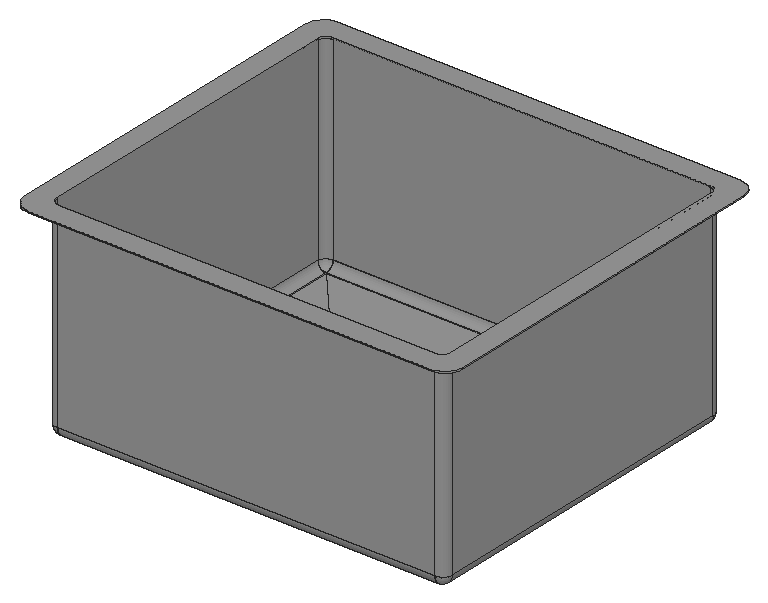
Revit family "BUILDMAT-SNGD003-Penny-510-Brass-Gold", category Plumbing Fixtures, host Face, Revit 2020
Family settings
  Host = Face
  Round Connector Dimension = Use Diameter
  Part Type = Normal
  Cut with Voids When Loaded = No
  Shared = No
  Room Calculation Point = No
Parameters (values of type "Penny 510x450x250mm")
  Width = 460.0 mm
  Undermount [instance] = 0.0 mm
  URL = "https://www.buildmat.com.au/products/510x450x250-single-bowl-sink"
  Side Sound Pad = no
  Side Brackets = yes
  Model = "SN101003"  # constant formula
  Middle Sound Pad = yes
  Middle Bracket = no
  Manufacturer URL = "https://www.buildmat.com.au/"
  Manufacturer = "BUILDMAT"  # constant formula
  Length = 400.0 mm
  Description = "BUILDMAT - Penny 510x450 Single Bowl Sink"  # constant formula
  Depth = 250.0 mm
  Default Elevation = 1219.2 mm
  Created By URL = "https://www.buildmat.com.au/"
  Created By = "BUILDMAT"  # constant formula
  Created = "22.06.2022"  # constant formula
  Material = BUILDMAT Brass Gold
Reference planes
  plane 1 "Center (Front/Back)": y = 0
  plane 2: z = 0
  plane 3 "Center (Left/Right)": x = 0
  plane 4 "Top Substrate": z = 0
  plane 5 "Left": x = -230
  plane 6 "Right": x = 230
  plane 7 "Back": y = 200
  plane 8 "Front": y = -200
  plane 9: x = -255
  plane 10: x = 255
  plane 11: y = -225
  plane 12: y = 225
  plane 13 "Bottom Void": z = -250
  plane 14: z = 1.5
  plane 15: x = -231.5
  plane 16: y = -201.5
  plane 17: x = 231.5
  plane 18: y = 201.5
  plane 19: z = -240
  plane 20: z = -230
  plane 21: x = -220
  plane 22: x = 220
  plane 23: y = -190
  plane 24: y = 190
  plane 25: z = -245
  plane 26: z = -241.5
  plane 27: z = -246.5
  plane 28: x = -100
  plane 29: x = 100
  plane 30 "Sound Pad": z = -130
  plane 31 "Front Bracket": y = -100
  plane 32 "Back Bracket": y = 100
  plane 33: x = -130
  plane 34: x = 130
  plane 35: x = -57
  plane 36: x = 57
  plane 37: x = -45
  plane 38: x = 45
Forms (mm)
  Extrusion 1, void
    sketch origin (0, 0, 0) x (1, 0, 0) y (0, 1, 0)
      loop
        arc (-220, 200) -> (-227.071, 197.071) -> (-230, 190) r 10
        line (-230, 190) -> (-230, -190)
        arc (-230, -190) -> (-227.071, -197.071) -> (-220, -200) r 10
        line (-220, -200) -> (220, -200)
        arc (220, -200) -> (227.071, -197.071) -> (230, -190) r 10
        line (230, -190) -> (230, 190)
        arc (230, 190) -> (227.071, 197.071) -> (220, 200) r 10
        line (220, 200) -> (-220, 200)
    from 0 to 1.5
  Extrusion 2, void
    sketch origin (0, 0, 0) x (1, 0, 0) y (0, 1, 0)
      loop
        line (-231.5, 201.5) -> (-231.5, -201.5) -> (231.5, -201.5) -> (231.5, 201.5) -> (-231.5, 201.5)
    from 0 to -250
  Extrusion 3, void
    sketch origin (0, 0, 0) x (1, 0, 0) y (0, 1, 0)
      loop
        arc (-235, 225) -> (-249.142, 219.142) -> (-255, 205) r 20
        line (-255, 205) -> (-255, -205)
        arc (-255, -205) -> (-249.142, -219.142) -> (-235, -225) r 20
        line (-235, -225) -> (235, -225)
        arc (235, -225) -> (249.142, -219.142) -> (255, -205) r 20
        line (255, -205) -> (255, 205)
        arc (255, 205) -> (249.142, 219.142) -> (235, 225) r 20
        line (235, 225) -> (-235, 225)
    from 1.5 to 0
  Extrusion 4, solid, material "BUILDMAT Brass Gold" <- "Material"
    sketch origin (0, 0, 0) x (-1, 0, 0) y (0, -1, 0)
      loop
        arc (235, -225) -> (249.142, -219.142) -> (255, -205) r 20
        line (255, -205) -> (255, 205)
        arc (255, 205) -> (249.142, 219.142) -> (235, 225) r 20
        line (235, 225) -> (-235, 225)
        arc (-235, 225) -> (-249.142, 219.142) -> (-255, 205) r 20
        line (-255, 205) -> (-255, -205)
        arc (-255, -205) -> (-249.142, -219.142) -> (-235, -225) r 20
        line (-235, -225) -> (235, -225)
      loop
        arc (220, -200) -> (227.071, -197.071) -> (230, -190) r 10
        line (230, -190) -> (230, 190)
        arc (230, 190) -> (227.071, 197.071) -> (220, 200) r 10
        line (220, 200) -> (-220, 200)
        arc (-220, 200) -> (-227.071, 197.071) -> (-230, 190) r 10
        line (-230, 190) -> (-230, -190)
        arc (-230, -190) -> (-227.071, -197.071) -> (-220, -200) r 10
        line (-220, -200) -> (220, -200)
    from 0 to 1.5
  Extrusion 5, solid, material "BUILDMAT Brass Gold" <- "Material"
    sketch origin (0, 0, 0) x (-1, 0, 0) y (0, -1, 0)
      loop
        arc (220, -201.5) -> (228.132, -198.132) -> (231.5, -190) r 11.5
        line (231.5, -190) -> (231.5, 190)
        arc (231.5, 190) -> (228.132, 198.132) -> (220, 201.5) r 11.5
        line (220, 201.5) -> (-220, 201.5)
        arc (-220, 201.5) -> (-228.132, 198.132) -> (-231.5, 190) r 11.5
        line (-231.5, 190) -> (-231.5, -190)
        arc (-231.5, -190) -> (-228.132, -198.132) -> (-220, -201.5) r 11.5
        line (-220, -201.5) -> (220, -201.5)
      loop
        arc (-220, 200) -> (-227.071, 197.071) -> (-230, 190) r 10
        line (-230, 190) -> (-230, -190)
        arc (-230, -190) -> (-227.071, -197.071) -> (-220, -200) r 10
        line (-220, -200) -> (220, -200)
        arc (220, -200) -> (227.071, -197.071) -> (230, -190) r 10
        line (230, -190) -> (230, 190)
        arc (230, 190) -> (227.071, 197.071) -> (220, 200) r 10
        line (220, 200) -> (-220, 200)
    from 0 to -230
  Revolve 6, solid, material "BUILDMAT Brass Gold" <- "Material"
    sketch origin (-175.162, 190, 1219.2) x (-1, 0, 0) y (0, 0, 1)
      loop
        line (-405.162, -1449.2) -> (-406.662, -1449.2)
        arc (-406.662, -1449.2) -> (-403.293, -1457.332) -> (-395.162, -1460.7) r 11.5
        line (-395.162, -1460.7) -> (-395.162, -1459.2)
        arc (-395.162, -1459.2) -> (-402.233, -1456.271) -> (-405.162, -1449.2) r 10
      axis (-395.162, -1460.7) -> (-395.162, -1449.2)
    angle from 0 to -90
  Revolve 7, solid, material "BUILDMAT Brass Gold" <- "Material"
    sketch origin (-175.162, 190, 1219.2) x (-1, 0, 0) y (0, 0, 1)
      loop
        arc (54.838, -1449.2) -> (51.909, -1456.271) -> (44.838, -1459.2) r 10
        line (44.838, -1459.2) -> (44.838, -1460.7)
        arc (44.838, -1460.7) -> (52.97, -1457.332) -> (56.338, -1449.2) r 11.5
        line (56.338, -1449.2) -> (54.838, -1449.2)
      axis (44.838, -1449.2) -> (44.838, -1460.7)
    angle from 0 to -90
  Revolve 8, solid, material "BUILDMAT Brass Gold" <- "Material"
    sketch origin (-175.162, -190, 1219.2) x (-1, 0, 0) y (0, 0, 1)
      loop
        arc (54.838, -1449.2) -> (51.909, -1456.271) -> (44.838, -1459.2) r 10
        line (44.838, -1459.2) -> (44.838, -1460.7)
        arc (44.838, -1460.7) -> (52.97, -1457.332) -> (56.338, -1449.2) r 11.5
        line (56.338, -1449.2) -> (54.838, -1449.2)
      axis (44.838, -1449.2) -> (44.838, -1460.7)
    angle from 0 to 90
  Revolve 9, solid, material "BUILDMAT Brass Gold" <- "Material"
    sketch origin (-175.162, -190, 1219.2) x (-1, 0, 0) y (0, 0, 1)
      loop
        line (-405.162, -1449.2) -> (-406.662, -1449.2)
        arc (-406.662, -1449.2) -> (-403.293, -1457.332) -> (-395.162, -1460.7) r 11.5
        line (-395.162, -1460.7) -> (-395.162, -1459.2)
        arc (-395.162, -1459.2) -> (-402.233, -1456.271) -> (-405.162, -1449.2) r 10
      axis (-395.162, -1449.2) -> (-395.162, -1460.7)
    angle from 0 to 90
  Extrusion 10, solid, material "BUILDMAT Brass Gold" <- "Material"
    sketch origin (0, 0, 0) x (1, 0, 0) y (0, 0, 1)
      loop
        line (-230, -230) -> (-231.5, -230)
        arc (-231.5, -230) -> (-228.132, -238.132) -> (-220, -241.5) r 11.5
        line (-220, -241.5) -> (-220, -240)
        arc (-220, -240) -> (-227.071, -237.071) -> (-230, -230) r 10
    from -190 to 190
  Extrusion 11, solid, material "BUILDMAT Brass Gold" <- "Material"
    sketch origin (0, 0, 0) x (1, 0, 0) y (0, 0, 1)
      loop
        arc (230, -230) -> (227.071, -237.071) -> (220, -240) r 10
        line (220, -240) -> (220, -241.5)
        arc (220, -241.5) -> (228.132, -238.132) -> (231.5, -230) r 11.5
        line (231.5, -230) -> (230, -230)
    from -190 to 190
  Extrusion 12, solid, material "BUILDMAT Brass Gold" <- "Material"
    sketch origin (0, 0, 0) x (0, 1, 0) y (0, 0, 1)
      loop
        arc (200, -230) -> (197.071, -237.071) -> (190, -240) r 10
        line (190, -240) -> (190, -241.5)
        arc (190, -241.5) -> (198.132, -238.132) -> (201.5, -230) r 11.5
        line (201.5, -230) -> (200, -230)
    from -220 to 220
  Extrusion 13, solid, material "BUILDMAT Brass Gold" <- "Material"
    sketch origin (0, 0, 0) x (0, 1, 0) y (0, 0, 1)
      loop
        line (-200, -230) -> (-201.5, -230)
        arc (-201.5, -230) -> (-198.132, -238.132) -> (-190, -241.5) r 11.5
        line (-190, -241.5) -> (-190, -240)
        arc (-190, -240) -> (-197.071, -237.071) -> (-200, -230) r 10
    from -220 to 220
  Revolve 14, solid, material "BUILDMAT Brass Gold" <- "Material"
    sketch origin (0, 0, 0) x (1, 0, 0) y (0, 0, 1)
      loop
        line (-45, -250) -> (-45, -248.5)
        spline (-45, -248.5) -> (-46.484, -248.459) -> (-47.939, -248.339) -> (-49.337, -248.141) -> (-50.649, -247.871) -> (-51.848, -247.537) -> (-52.908, -247.151) -> (-53.805, -246.726) -> (-54.514, -246.283) -> (-55.023, -245.856) -> (-55.329, -245.483) -> (-55.468, -245.202) -> (-55.5, -245)
        line (-55.5, -245) -> (-57, -245)
        spline (-57, -245) -> (-56.897, -245.653) -> (-56.591, -246.294) -> (-56.087, -246.913) -> (-55.392, -247.5) -> (-54.52, -248.044) -> (-53.485, -248.536) -> (-52.305, -248.967) -> (-51, -249.33) -> (-49.592, -249.619) -> (-48.106, -249.83) -> (-46.566, -249.957) -> (-45, -250)
      axis (0, -245) -> (0, -250)
    angle from 0 to 360
  Blend 15, solid, material "BUILDMAT Brass Gold" <- "Material"
    base sketch origin (0, 0, 0) x (-1, 0, 0) y (0, -1, 0)
      loop
        circle (0, 0) r 57
    top sketch origin (0, 0, 0) x (-1, 0, 0) y (0, -1, 0)
      loop
        line (220, -190) -> (220, 190) -> (-220, 190) -> (-220, -190) -> (220, -190)
    from -246.5 to -241.5
  Blend 16, void
    base sketch origin (0, 0, 0) x (-1, 0, 0) y (0, -1, 0)
      loop
        circle (0, 0) r 57
    top sketch origin (0, 0, 0) x (-1, 0, 0) y (0, -1, 0)
      loop
        line (220, -190) -> (220, 190) -> (-220, 190) -> (-220, -190) -> (220, -190)
    from -245 to -240
  Extrusion 17, solid, material "BUILDMAT Brass Gold" <- "Material"
    sketch origin (0, 0, 0) x (-1, 0, 0) y (0, -1, 0)
      loop
        line (220, -190) -> (220, 190) -> (-220, 190) -> (-220, -190) -> (220, -190)
    from -241.5 to -240
  Extrusion 18, void
    sketch origin (0, 0, 0) x (-1, 0, 0) y (0, -1, 0)
      loop
        circle (0, 0) r 57
    from -250 to -230
Cuts and joins
  joined: Extrusion 4, Extrusion 5
  joined: Revolve 6, Revolve 9
  joined: Revolve 7, Revolve 8
  Blend 16, Extrusion 18 cuts Blend 15
  Blend 16, Extrusion 18 cuts Extrusion 17
  joined: Blend 15, Extrusion 17
Lines and regions (mm)
  Masking region 1
    outline origin (0, 0, 0) x (1, 0, 0) y (0, 0, 1)
      loop
        line (230, 0) -> (-230, 0) -> (-230, -230)
        arc (-230, -230) -> (-227.071, -237.071) -> (-220, -240) r 10
        line (-220, -240) -> (-57, -245) -> (57, -245) -> (220, -240)
        arc (220, -240) -> (227.071, -237.071) -> (230, -230) r 10
        line (230, -230) -> (230, 0)
  Masking region 2
    outline origin (0, 0, 0) x (1, 0, 0) y (0, 0, 1)
      loop
        line (-100, -245.181) -> (-100, -250) -> (-57, -250) -> (-57, -246.5) -> (-100, -245.181)
  Masking region 3
    outline origin (0, 0, 0) x (1, 0, 0) y (0, 0, 1)
      loop
        line (57, -246.5) -> (57, -250) -> (100, -250) -> (100, -245.181) -> (57, -246.5)
Text (mm)
  text "Refer to www.buildmat.com.au for the most current product literature. \nAllow a +/- 5mm tolerance for dimensions shown in the product literature. \nPlease note product details are subject to change due to ongoing product development." at (0.056, -1035.857, 0), in view "Ref. Level"
Dimensions and locks
  "Undermount": plane 2 to plane 4 "Top Substrate"
  equal spacing: plane 5 "Left", plane 3 "Center (Left/Right)", plane 6 "Right"
  "Width": plane 5 "Left" to plane 6 "Right"
  "Length": plane 7 "Back" to plane 8 "Front"
  equal spacing: plane 7 "Back", plane 1 "Center (Front/Back)", plane 8 "Front"
  locked: plane 12 to plane 7 "Back" at 25
  locked: plane 8 "Front" to plane 11 at 25
  locked: plane 9 to plane 5 "Left" at 25
  locked: plane 6 "Right" to plane 10 at 25
  "Depth": plane 4 "Top Substrate" to plane 13 "Bottom Void"
  locked: plane 14 to plane 4 "Top Substrate" at 1.5
  locked: plane 18 to plane 7 "Back" at 1.5
  locked: plane 8 "Front" to plane 16 at 1.5
  plane 15 to plane 5 "Left" = 1.5 mm
  plane 6 "Right" to plane 17 = 1.5 mm
  plane 20 to plane 19 to plane 13 "Bottom Void" = 10.0 mm, 10.0 mm
  locked: plane 5 "Left" to plane 21 at 10
  locked: plane 22 to plane 6 "Right" at 10
  locked: plane 7 "Back" to plane 24 at 10
  locked: plane 23 to plane 8 "Front" at 10
  locked: plane 19 to plane 26 at 1.5
  locked: plane 25 to plane 13 "Bottom Void" at 5
  locked: plane 25 to plane 27 at 1.5
  plane 29 to plane 3 "Center (Left/Right)" to plane 28 = 100.0 mm locked, 100.0 mm locked
  locked: plane 30 "Sound Pad" to plane 13 "Bottom Void" at 120
  locked: plane 7 "Back" to plane 32 "Back Bracket" at 100
  locked: plane 31 "Front Bracket" to plane 8 "Front" at 100
  locked: plane 33 to plane 5 "Left" at 100
  locked: plane 6 "Right" to plane 34 at 100
  equal spacing: plane 3 "Center (Left/Right)", nested 15, plane 33
  equal spacing: plane 34, nested 16, plane 3 "Center (Left/Right)"
  plane 37 to plane 3 "Center (Left/Right)" to plane 38 = 45.0 mm locked, 45.0 mm locked
  plane 35 to plane 3 "Center (Left/Right)" to plane 36 = 57.0 mm locked, 57.0 mm locked
  aligned and locked: plane 2 to host face
  aligned and locked: level to host face
  aligned and locked: plane 8 "Front" to Extrusion 1 sketch curve
  aligned and locked: Extrusion 1 sketch curve to plane 7 "Back"
  aligned and locked: plane 5 "Left" to Extrusion 1 sketch curve
  aligned and locked: Extrusion 1 sketch curve to plane 6 "Right"
  aligned and locked: plane 2 to Extrusion 1
  aligned and locked: plane 14 to Extrusion 1
  aligned and locked: Extrusion 2 sketch curve to plane 16
  aligned and locked: Extrusion 2 sketch curve to plane 18
  aligned and locked: plane 15 to Extrusion 2 sketch curve
  aligned and locked: plane 17 to Extrusion 2 sketch curve
  aligned and locked: Extrusion 2 to plane 13 "Bottom Void"
  aligned and locked: plane 4 "Top Substrate" to Extrusion 2
  aligned and locked: plane 11 to Extrusion 3 sketch curve
  aligned and locked: plane 9 to Extrusion 3 sketch curve
  aligned and locked: Extrusion 3 sketch curve to plane 10
  aligned and locked: Extrusion 3 sketch curve to plane 12
  aligned and locked: Extrusion 3 to plane 4 "Top Substrate"
  aligned and locked: Extrusion 3 to plane 14
  aligned and locked: plane 11 to Extrusion 4 sketch curve
  aligned and locked: Extrusion 4 sketch curve to plane 12
  aligned and locked: plane 9 to Extrusion 4 sketch curve
  aligned and locked: Extrusion 4 sketch curve to plane 10
  aligned and locked: plane 5 "Left" to Extrusion 4 sketch curve
  aligned and locked: Extrusion 4 sketch curve to plane 6 "Right"
  aligned and locked: Extrusion 4 sketch curve to plane 7 "Back"
  aligned and locked: plane 8 "Front" to Extrusion 4 sketch curve
  aligned and locked: Extrusion 5 sketch curve to plane 7 "Back"
  aligned and locked: plane 5 "Left" to Extrusion 5 sketch curve
  aligned and locked: Extrusion 5 sketch curve to plane 6 "Right"
  aligned and locked: plane 8 "Front" to Extrusion 5 sketch curve
  aligned and locked: plane 15 to Extrusion 5 sketch curve
  aligned and locked: Extrusion 5 sketch curve to plane 16
  aligned and locked: plane 17 to Extrusion 5 sketch curve
  aligned and locked: Extrusion 5 sketch curve to plane 18
  aligned and locked: Extrusion 5 to plane 20
  aligned and locked: plane 4 "Top Substrate" to Extrusion 5
  aligned and locked: Extrusion 11 to plane 23
  aligned and locked: plane 24 to Extrusion 11
  aligned and locked: plane 24 to Extrusion 10
  aligned and locked: Extrusion 10 to plane 23
  aligned and locked: Extrusion 13 to plane 21
  aligned and locked: plane 22 to Extrusion 13
  aligned and locked: plane 22 to Extrusion 12
  aligned and locked: Extrusion 12 to plane 21
  aligned and locked: plane 21 to Blend 15 sketch curve
  aligned and locked: Blend 15 sketch curve to plane 22
  aligned and locked: Blend 15 sketch curve to plane 23
  aligned and locked: Blend 15 sketch curve to plane 24
  aligned and locked: plane 27 to Blend 15
  aligned and locked: Blend 15 to plane 26
  aligned and locked: Blend 16 sketch curve to plane 24
  aligned and locked: plane 21 to Blend 16 sketch curve
  aligned and locked: Blend 16 sketch curve to plane 22
  aligned and locked: Blend 16 sketch curve to plane 23
  aligned and locked: Blend 16 to plane 25
  aligned and locked: Blend 16 to plane 19
  aligned and locked: Extrusion 17 sketch curve to plane 24
  aligned and locked: Extrusion 17 sketch curve to plane 23
  aligned and locked: plane 21 to Extrusion 17 sketch curve
  aligned and locked: Extrusion 17 sketch curve to plane 22
  aligned and locked: Extrusion 17 to plane 26
  aligned and locked: Extrusion 17 to plane 19
  aligned and locked: Extrusion 18 to plane 13 "Bottom Void"
  aligned and locked: plane 20 to Extrusion 18
  aligned and locked: cut or joined group of Blend 15, Blend 16, Extrusion 17, Extrusion 18 to Masking region 2 sketch curve
  aligned and locked: Masking region 3 sketch curve to cut or joined group of Blend 15, Blend 16, Extrusion 17, Extrusion 18
  aligned and locked: plane 3 "Center (Left/Right)" to nested 1
  aligned and locked: nested 1 to plane 4 "Top Substrate"
  aligned and locked: plane 3 "Center (Left/Right)" to nested 2
  aligned and locked: nested 2 to plane 30 "Sound Pad"
  aligned and locked: nested 3 to plane 18
  aligned and locked: plane 3 "Center (Left/Right)" to nested 3
  aligned and locked: plane 16 to nested 4
  aligned and locked: nested 4 to plane 3 "Center (Left/Right)"
  aligned and locked: plane 31 "Front Bracket" to nested 6
  aligned and locked: plane 15 to nested 6
  aligned and locked: plane 31 "Front Bracket" to nested 8
  aligned and locked: plane 17 to nested 8
  aligned and locked: plane 32 "Back Bracket" to nested 7
  aligned and locked: plane 17 to nested 7
  aligned and locked: plane 32 "Back Bracket" to nested 5
  aligned and locked: plane 15 to nested 5
  aligned and locked: nested 9 to plane 4 "Top Substrate"
  aligned and locked: nested 9 to plane 33
  aligned and locked: nested 10 to plane 4 "Top Substrate"
  aligned and locked: nested 10 to plane 34
  aligned and locked: nested 13 to plane 33
  aligned and locked: nested 14 to plane 34
  aligned and locked: plane 16 to nested 13
  aligned and locked: nested 14 to plane 16
  aligned and locked: plane 33 to nested 11
  aligned and locked: nested 11 to plane 18
  aligned and locked: plane 34 to nested 12
  aligned and locked: nested 12 to plane 18
  aligned and locked: nested 15 to plane 30 "Sound Pad"
  aligned and locked: nested 16 to plane 30 "Sound Pad"
  aligned and locked: nested 17 to plane 23
  aligned and locked: nested 17 to plane 24
  aligned and locked: plane 22 to nested 17
  aligned and locked: plane 21 to nested 17
  aligned and locked: plane 3 "Center (Left/Right)" to nested 18
  aligned and locked: plane 1 "Center (Front/Back)" to nested 18
  aligned and locked: plane 4 "Top Substrate" to Masking region 1
Automatic sketch dimensions
  host sketch curve to host sketch curve = 2438.4 mm  (x2)
  plane 5 "Left" to Extrusion 1 sketch curve = 10.0 mm  (x2)
  Extrusion 1 sketch curve to plane 6 "Right" = 10.0 mm  (x2)
  Extrusion 4 sketch curve to plane 10 = 20.0 mm  (x2)
  Extrusion 4 sketch curve to Extrusion 4 sketch curve = 10.0 mm  (x2)
  plane 5 "Left" to Extrusion 4 sketch curve = 10.0 mm
  plane 9 to Extrusion 4 sketch curve = 20.0 mm
  plane 8 "Front" to Extrusion 4 sketch curve = 10.0 mm
  plane 11 to Extrusion 4 sketch curve = 20.0 mm
  Extrusion 3 sketch curve to plane 5 "Left" = 5.0 mm
  plane 6 "Right" to Extrusion 3 sketch curve = 5.0 mm  (x2)
  plane 7 "Back" to Extrusion 3 sketch curve = 5.0 mm
  plane 5 "Left" to Extrusion 5 sketch curve = 10.0 mm
  Extrusion 5 sketch curve to plane 6 "Right" = 10.0 mm
  plane 8 "Front" to Extrusion 5 sketch curve = 10.0 mm
  Extrusion 5 sketch curve to plane 7 "Back" = 10.0 mm
  Extrusion 5 sketch curve to Extrusion 5 sketch curve = 0.0 mm  (x4)
  Revolve 6 sketch curve to Revolve 6 sketch curve = 0.0 mm  (x3)
  plane 17 to Revolve 6 sketch curve = 0.0 mm
  Revolve 6 sketch curve to plane 6 "Right" = 0.0 mm
  Revolve 6 sketch curve to plane 22 = 0.0 mm  (x2)
  Revolve 6 sketch curve to plane 19 = 0.0 mm
  Revolve 6 sketch curve to plane 20 = 0.0 mm
  Revolve 7 sketch curve to Revolve 7 sketch curve = 0.0 mm  (x3)
  Revolve 7 sketch curve to plane 20 = 0.0 mm  (x2)
  Revolve 7 sketch curve to plane 21 = 0.0 mm  (x2)
  Revolve 7 sketch curve to plane 5 "Left" = 0.0 mm
  Revolve 7 sketch curve to plane 15 = 0.0 mm
  Revolve 8 sketch curve to Revolve 8 sketch curve = 0.0 mm  (x3)
  Revolve 8 sketch curve to plane 20 = 0.0 mm  (x2)
  Revolve 8 sketch curve to plane 21 = 0.0 mm  (x2)
  Revolve 8 sketch curve to plane 5 "Left" = 0.0 mm
  Revolve 8 sketch curve to plane 15 = 0.0 mm
  Revolve 9 sketch curve to Revolve 9 sketch curve = 0.0 mm  (x3)
  plane 17 to Revolve 9 sketch curve = 0.0 mm
  Revolve 9 sketch curve to plane 6 "Right" = 0.0 mm
  Revolve 9 sketch curve to plane 22 = 0.0 mm  (x2)
  Revolve 9 sketch curve to plane 20 = 0.0 mm
  Revolve 9 sketch curve to plane 19 = 0.0 mm
  Extrusion 10 sketch curve to plane 15 = 0.0 mm
  Extrusion 10 sketch curve to plane 5 "Left" = 0.0 mm
  Extrusion 10 sketch curve to plane 19 = 0.0 mm
  Extrusion 10 sketch curve to plane 21 = 0.0 mm
  Extrusion 11 sketch curve to plane 20 = 0.0 mm
  Extrusion 11 sketch curve to plane 22 = 0.0 mm
  Extrusion 11 sketch curve to plane 6 "Right" = 0.0 mm
  plane 17 to Extrusion 11 sketch curve = 0.0 mm
  Extrusion 12 sketch curve to plane 20 = 0.0 mm
  Extrusion 12 sketch curve to plane 24 = 0.0 mm
  Extrusion 12 sketch curve to plane 7 "Back" = 0.0 mm
  Extrusion 12 sketch curve to plane 18 = 0.0 mm
  Extrusion 13 sketch curve to plane 16 = 0.0 mm
  Extrusion 13 sketch curve to plane 8 "Front" = 0.0 mm
  Extrusion 13 sketch curve to plane 23 = 0.0 mm
  Extrusion 13 sketch curve to plane 19 = 0.0 mm
  Revolve 14 sketch curve to plane 25 = 0.0 mm
  Revolve 14 sketch curve to plane 13 "Bottom Void" = 0.0 mm  (x2)
  Revolve 14 sketch curve to plane 3 "Center (Left/Right)" = 0.0 mm
  Revolve 14 sketch curve to plane 20 = 0.0 mm
  Revolve 14 sketch curve to plane 3 "Center (Left/Right)" = 45.0 mm
  Revolve 14 sketch curve to Revolve 14 sketch curve = 10.5 mm
  Revolve 14 sketch curve to Revolve 14 sketch curve = 1.5 mm  (x2)
  Revolve 14 sketch curve to Revolve 14 sketch curve = 0.0 mm
  plane 1 "Center (Front/Back)" to Blend 15 sketch curve = 0.0 mm
  Blend 15 sketch curve to plane 3 "Center (Left/Right)" = 0.0 mm
  plane 1 "Center (Front/Back)" to Blend 16 sketch curve = 0.0 mm
  Blend 16 sketch curve to plane 3 "Center (Left/Right)" = 0.0 mm
  plane 1 "Center (Front/Back)" to Extrusion 18 sketch curve = 0.0 mm
  Extrusion 18 sketch curve to plane 3 "Center (Left/Right)" = 0.0 mm
  Masking region 1 sketch curve to level = 0.0 mm
  Masking region 1 sketch curve to plane 20 = 0.0 mm
  Masking region 1 sketch curve to plane 21 = 0.0 mm
  Masking region 1 sketch curve to plane 25 = 0.0 mm
  Masking region 1 sketch curve to plane 3 "Center (Left/Right)" = 57.0 mm
  plane 3 "Center (Left/Right)" to Masking region 1 sketch curve = 57.0 mm
  Masking region 1 sketch curve to plane 19 = 0.0 mm
  Masking region 1 sketch curve to plane 22 = 0.0 mm
  Masking region 1 sketch curve to plane 6 "Right" = 0.0 mm
  Masking region 1 sketch curve to plane 5 "Left" = 0.0 mm
  Masking region 2 sketch curve to plane 28 = 0.0 mm
  Masking region 2 sketch curve to plane 13 "Bottom Void" = 0.0 mm
  Masking region 2 sketch curve to plane 27 = 0.0 mm
  Masking region 3 sketch curve to plane 27 = 0.0 mm
  Masking region 3 sketch curve to plane 13 "Bottom Void" = 0.0 mm
  Masking region 3 sketch curve to plane 29 = 0.0 mm
  radius of Blend 15 sketch curve = 57.0 mm
  radius of Blend 16 sketch curve = 57.0 mm
  radius of Extrusion 18 sketch curve = 57.0 mm
Nested families
  nested 1: "TMB_Front" at (0, 0, 0) x (1, 0, 0) z (0, -1, 0), visible <- "Middle Bracket", type "TMB_Front"
  nested 2: "SP_Front" at (0, 0, -130) x (1, 0, 0) z (0, -1, 0), visible <- "Middle Sound Pad", type "SP_Front"
  nested 3: "TMB_Plan" at (0, 201.5, 0), visible <- "Middle Bracket", type "TMB_Plan"
  nested 4: "TMB_Plan" at (0, -201.5, 0) x (-1, 0, 0) z (0, 0, 1), visible <- "Middle Bracket", type "TMB_Plan"
  nested 5: "TMB_Plan" at (-231.5, 100, 0) x (0, 1, 0) z (0, 0, 1), type "TMB_Plan"
  nested 6: "TMB_Plan" at (-231.5, -100, 0) x (0, 1, 0) z (0, 0, 1), type "TMB_Plan"
  nested 7: "TMB_Plan" at (231.5, 100, 0) x (0, -1, 0) z (0, 0, 1), type "TMB_Plan"
  nested 8: "TMB_Plan" at (231.5, -100, 0) x (0, -1, 0) z (0, 0, 1), type "TMB_Plan"
  nested 9: "TMB_Front" at (-130, 0, 0) x (1, 0, 0) z (0, -1, 0), visible <- "Side Brackets", type "TMB_Front"
  nested 10: "TMB_Front" at (130, 0, 0) x (1, 0, 0) z (0, -1, 0), visible <- "Side Brackets", type "TMB_Front"
  nested 11: "TMB_Plan" at (-130, 201.5, 0), visible <- "Side Brackets", type "TMB_Plan"
  nested 12: "TMB_Plan" at (130, 201.5, 0), visible <- "Side Brackets", type "TMB_Plan"
  nested 13: "TMB_Plan" at (-130, -201.5, 0) x (-1, 0, 0) z (0, 0, 1), visible <- "Side Brackets", type "TMB_Plan"
  nested 14: "TMB_Plan" at (130, -201.5, 0) x (-1, 0, 0) z (0, 0, 1), visible <- "Side Brackets", type "TMB_Plan"
  nested 15: "SP_Front" at (-65, 0, -130) x (1, 0, 0) z (0, -1, 0), visible <- "Side Sound Pad", type "SP_Front"
  nested 16: "SP_Front" at (65, 0, -130) x (1, 0, 0) z (0, -1, 0), visible <- "Side Sound Pad", type "SP_Front"
  nested 17: "BOWL Plan" at (0, 0, -130), type "BOWL Plan"
    with Width 440.0 mm, Lenght 380.0 mm
  nested 18: "DRAIN" at (0, 0, 0), type "DRAIN"
Definition of nested family "TMB_Front"
  Reference planes
    plane 1 "Center (Elevation)": y = 0
    plane 2: z = 0
    plane 3 "Center (Left/Right)": x = 0
  Lines and regions (mm)
    Masking region 1, in view "Ref. Level"
      outline origin (0, 0, 0) x (1, 0, 0) y (0, 1, 0)
        loop
          line (-17.5, 0) -> (-17.5, -80) -> (17.5, -80) -> (17.5, 0) -> (-17.5, 0)
    detail lines, in view "Ref. Level"
      curve 1: line (-17.5, 0, 0) -> (-17.5, -80, 0)
      curve 2: line (-17.5, -80, 0) -> (17.5, -80, 0)
      curve 3: line (17.5, -80, 0) -> (17.5, 0, 0)
      curve 4: line (-12.5, -50, 0) -> (12.5, -50, 0)
      curve 5: line (-12.5, -75, 0) -> (-12.5, -50, 0)
      curve 6: line (12.5, -75, 0) -> (-12.5, -75, 0)
      curve 7: line (12.5, -50, 0) -> (12.5, -75, 0)
Definition of nested family "SP_Front"
  Reference planes
    plane 1 "Center (Elevation)": y = 0
    plane 2: z = 0
    plane 3 "Center (Left/Right)": x = 0
  Lines and regions (mm)
    Masking region 1, in view "Ref. Level"
      outline origin (0, 0, 0) x (1, 0, 0) y (0, 1, 0)
        loop
          arc (-50, 40) -> (-57.071, 37.071) -> (-60, 30) r 10
          line (-60, 30) -> (-60, -30)
          arc (-60, -30) -> (-57.071, -37.071) -> (-50, -40) r 10
          line (-50, -40) -> (50, -40)
          arc (50, -40) -> (57.071, -37.071) -> (60, -30) r 10
          line (60, -30) -> (60, 30)
          arc (60, 30) -> (57.071, 37.071) -> (50, 40) r 10
          line (50, 40) -> (-50, 40)
    detail lines, in view "Ref. Level"
      curve 1: line (-50, 40, 0) -> (50, 40, 0)
      curve 2: line (50, -40, 0) -> (-50, -40, 0)
      curve 3: line (60, 30, 0) -> (60, -30, 0)
      curve 4: line (-60, 30, 0) -> (-60, -30, 0)
      curve 5: arc (-50, 40, 0) -> (-57.071, 37.071, 0) -> (-60, 30, 0) r 10
      curve 6: arc (-60, -30, 0) -> (-57.071, -37.071, 0) -> (-50, -40, 0) r 10
      curve 7: arc (50, -40, 0) -> (57.071, -37.071, 0) -> (60, -30, 0) r 10
      curve 8: arc (60, 30, 0) -> (57.071, 37.071, 0) -> (50, 40, 0) r 10
  Dimensions and locks
    aligned and locked: Masking region 1 sketch curve to curve 1
    aligned and locked: Masking region 1 sketch curve to curve 4
    aligned and locked: Masking region 1 sketch curve to curve 2
    aligned and locked: Masking region 1 sketch curve to curve 3
Definition of nested family "TMB_Plan"
  Reference planes
    plane 1 "Center (Front/Back)": y = 0
    plane 2: z = 0
    plane 3 "Center (Left/Right)": x = 0
  Lines and regions (mm)
    detail lines, in view "Ref. Level"
      curve 1: line (-17.5, 0, 0) -> (17.5, 0, 0)
      curve 2: line (17.5, 0, 0) -> (17.5, 5, 0)
      curve 3: line (17.5, 5, 0) -> (12.5, 5, 0)
      curve 4: line (-17.5, 0, 0) -> (-17.5, 5, 0)
      curve 5: line (-17.5, 5, 0) -> (-12.5, 5, 0)
Definition of nested family "BOWL Plan"
  Parameters (values of type "BOWL Plan")
    Width [instance] = 600.0 mm
    Lenght [instance] = 400.0 mm
  Reference planes
    plane 1 "Center (Front/Back)": y = 0
    plane 2: z = 0
    plane 3 "Center (Left/Right)": x = 0
    plane 4 "Left": x = -300
    plane 5 "Right": x = 300
    plane 6 "Back": y = 200
    plane 7 "Front": y = -200
  Lines and regions (mm)
    Masking region 1, in view "Ref. Level"
      outline origin (0, 0, 0) x (1, 0, 0) y (0, 1, 0)
        loop
          line (-300, 200) -> (-300, -200) -> (300, -200) -> (300, 200) -> (-300, 200)
    detail lines, in view "Ref. Level"
      curve 1: line (-300, 200, 0) -> (300, -200, 0)
      curve 2: line (-300, -200, 0) -> (300, 200, 0)
  Dimensions and locks
    equal spacing: plane 6 "Back", plane 1 "Center (Front/Back)", plane 7 "Front"
    "Lenght": plane 6 "Back" to plane 7 "Front"
    equal spacing: plane 4 "Left", plane 3 "Center (Left/Right)", plane 5 "Right"
    "Width": plane 4 "Left" to plane 5 "Right"
    aligned and locked: plane 4 "Left" to Masking region 1 sketch curve
    aligned and locked: Masking region 1 sketch curve to plane 5 "Right"
    aligned and locked: plane 7 "Front" to Masking region 1 sketch curve
    aligned and locked: Masking region 1 sketch curve to plane 6 "Back"
  Automatic sketch dimensions
    curve 2 to plane 4 "Left" = 0.0 mm
    curve 1 to plane 4 "Left" = 0.0 mm
    curve 2 to plane 5 "Right" = 0.0 mm
    curve 1 to plane 5 "Right" = 0.0 mm
    curve 1 to plane 7 "Front" = 0.0 mm
    curve 2 to plane 7 "Front" = 0.0 mm
    curve 2 to plane 6 "Back" = 0.0 mm
    curve 1 to plane 6 "Back" = 0.0 mm
Definition of nested family "DRAIN"
  Reference planes
    plane 1 "Center (Front/Back)": y = 0
    plane 2: z = 0
    plane 3 "Center (Left/Right)": x = 0
  Lines and regions (mm)
    Masking region 1, in view "Ref. Level"
      outline origin (0, 0, 0) x (1, 0, 0) y (0, 1, 0)
        loop
          circle (0, 0) r 57
    detail lines, in view "Ref. Level"
      curve 1: circle (0, 0, 0) r 45 normal (0, 0, 1)
      curve 2: circle (0, 0, 0) r 55.5 normal (0, 0, 1)
